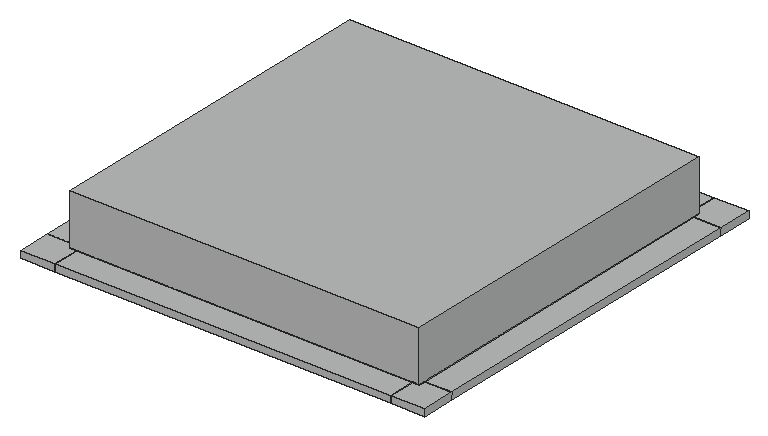
Revit family "ALUMOGIPS", category Осветительные приборы, Revit 2019 (continued)
Types (72, lengths in mm): name | Файл фотометрической сетки | built-in parameter 1150105 | Lumens | built-in parameter 1150106 | built-in parameter 1150142 | Wattage | Emit from Rectangle Width | Emit from Rectangle Length | Длина | Материал светильника | Ширина | ADSK_Ток | ADSK_Полная мощность | ADSK_Обозначение | ADSK_Номинальная мощность | ADSK_Наименование | ADSK_Масса | ADSK_Код изделия
  Alumogips-30/opal-sand 295х595 (IP54, 4000К, серый) | "Светильник ALUMOGIPS-30 OPAL-SAND-(295x595).IES" | 198.94 (stored number, unit not read) | 2500 lm | 1.9894 (stored number, unit not read) | "IESNA:LM-63-95\r\n[TEST] Протокол №80\r\n[DATA]26.06.2016\r\n[MORE] \r\n[MANUFAC] ЗАО \"Центрстройсвет\"\r\n[LUMCAT]  Светильник ALUMOGIPS-30/OPAL-SAND-(295x595)\r\n[LUMINAIRE]\r\n[LAMPCAT] Светодиоды\r\n[LAMP] Поток источника света (светодиодов) не известен\r\n[MORE] КСС приведена в абсолютных величинах кд\r\n[MORE] Вместо потока лампы, указан поток светильника.\r\nTILT=NONE\r\n1    2420 1.0 37 73 1 2 0.295 0.595 0.04\r\n1.0 1.0 28.9\r\n0.0 5.0 10.0 15.0 20.0 25.0 30.0 35.0 40.0 45.0 50.0 55.0 60.0 65.0 70.0 75.0 80.0 85.0 90.0 95.0 100.0 105.0 110.0 115.0 120.0 125.0 130.0 135.0 140.0 145.0 150.0 155.0 160.0 165.0 170.0 175.0 180.0\r\n0.0 5.0 10.0 15.0 20.0 25.0 30.0 35.0 40.0 45.0 50.0 55.0 60.0 65.0 70.0 75.0 80.0 85.0 90.0 95.0 100.0 105.0 110.0 115.0 120.0 125.0 130.0 135.0 140.0 145.0 150.0 155.0 160.0 165.0 170.0 175.0 180.0 185.0 190.0 195.0 200.0 205.0 210.0 215.0 220.0 225.0 230.0 235.0 240.0 245.0 250.0 255.0 260.0 265.0 270.0 275.0 280.0 285.0 290.0 295.0 300.0 305.0 310.0 315.0 320.0 325.0 330.0 335.0 340.0 345.0 350.0 355.0 360.0\r\n911.1 908.3 889.4 861.2 824.6 779.8 729.1 674.3 613.8 546.0 479.1 412.2 342.1 274.7 206.6 142.5 83.1 30.5 0.2 0.0 0.0 0.0 0.0 0.0 0.0 0.0 0.0 0.0 0.0 0.0 0.0 0.0 0.0 0.0 0.0 0.0 0.0\r\n911.1 908.3 890.4 862.2 826.0 781.2 730.0 673.5 610.8 545.9 478.1 412.0 343.0 274.6 207.5 142.8 83.4 31.1 0.3 0.0 0.0 0.0 0.0 0.0 0.0 0.0 0.0 0.0 0.0 0.0 0.0 0.0 0.0 0.0 0.0 0.0 0.0\r\n911.1 908.5 890.5 862.8 826.3 781.1 729.7 670.6 612.5 548.7 480.3 412.7 344.4 275.2 207.5 143.5 83.8 31.5 0.3 0.0 0.0 0.0 0.0 0.0 0.0 0.0 0.0 0.0 0.0 0.0 0.0 0.0 0.0 0.0 0.0 0.0 0.0\r\n911.1 909.2 889.7 860.5 825.1 782.3 731.0 672.5 613.1 547.3 478.2 411.8 342.9 275.2 208.3 143.7 83.9 31.8 0.3 0.0 0.0 0.0 0.0 0.0 0.0 0.0 0.0 0.0 0.0 0.0 0.0 0.0 0.0 0.0 0.0 0.0 0.0\r\n911.1 909.0 891.0 861.5 825.6 782.4 732.7 675.9 611.0 545.2 481.9 413.1 344.4 276.1 208.3 144.0 84.6 32.0 0.3 0.0 0.0 0.0 0.0 0.0 0.0 0.0 0.0 0.0 0.0 0.0 0.0 0.0 0.0 0.0 0.0 0.0 0.0\r\n911.1 908.9 890.1 863.3 826.9 783.2 729.2 673.9 611.8 547.8 480.9 414.1 343.8 275.8 208.6 144.4 85.0 32.4 0.3 0.0 0.0 0.0 0.0 0.0 0.0 0.0 0.0 0.0 0.0 0.0 0.0 0.0 0.0 0.0 0.0 0.0 0.0\r\n911.1 908.9 890.0 862.2 828.3 782.8 731.1 675.1 614.3 547.6 481.3 413.0 345.8 276.7 208.8 145.0 85.3 32.6 0.4 0.0 0.0 0.0 0.0 0.0 0.0 0.0 0.0 0.0 0.0 0.0 0.0 0.0 0.0 0.0 0.0 0.0 0.0\r\n911.1 908.5 891.5 865.2 825.7 780.8 732.5 674.6 615.0 551.3 482.1 414.1 345.1 277.4 208.6 145.5 85.5 33.2 0.5 0.0 0.0 0.0 0.0 0.0 0.0 0.0 0.0 0.0 0.0 0.0 0.0 0.0 0.0 0.0 0.0 0.0 0.0\r\n911.1 908.2 891.4 865.6 827.3 781.0 734.3 676.9 614.9 549.4 482.0 413.8 346.2 277.0 209.5 145.9 86.0 33.8 0.4 0.0 0.0 0.0 0.0 0.0 0.0 0.0 0.0 0.0 0.0 0.0 0.0 0.0 0.0 0.0 0.0 0.0 0.0\r\n911.1 908.7 891.0 864.3 829.6 784.0 732.9 673.2 614.9 550.2 484.5 414.8 346.4 277.8 210.5 146.4 87.2 33.9 0.6 0.0 0.0 0.0 0.0 0.0 0.0 0.0 0.0 0.0 0.0 0.0 0.0 0.0 0.0 0.0 0.0 0.0 0.0\r\n911.1 909.3 890.7 863.4 828.2 782.7 733.6 675.6 617.1 551.3 485.9 416.5 347.0 279.5 211.3 147.1 87.6 34.5 0.8 0.0 0.0 0.0 0.0 0.0 0.0 0.0 0.0 0.0 0.0 0.0 0.0 0.0 0.0 0.0 0.0 0.0 0.0\r\n911.1 908.7 892.5 864.0 829.2 784.2 733.3 676.9 615.6 551.9 484.7 416.9 348.3 279.6 211.6 148.3 88.1 35.0 0.9 0.0 0.0 0.0 0.0 0.0 0.0 0.0 0.0 0.0 0.0 0.0 0.0 0.0 0.0 0.0 0.0 0.0 0.0\r\n911.1 907.6 892.1 865.2 827.4 784.6 731.8 676.8 617.7 552.8 485.1 418.8 350.7 281.3 212.5 148.4 89.0 35.7 1.0 0.0 0.0 0.0 0.0 0.0 0.0 0.0 0.0 0.0 0.0 0.0 0.0 0.0 0.0 0.0 0.0 0.0 0.0\r\n911.1 907.1 892.1 864.5 830.2 788.3 733.6 677.4 617.3 552.0 487.9 420.8 349.8 281.3 213.4 149.2 89.9 36.2 1.3 0.0 0.0 0.0 0.0 0.0 0.0 0.0 0.0 0.0 0.0 0.0 0.0 0.0 0.0 0.0 0.0 0.0 0.0\r\n911.1 907.7 891.9 865.7 828.5 785.6 735.2 678.9 620.0 555.8 488.8 421.1 351.5 282.7 215.2 149.7 90.8 36.9 1.5 0.0 0.0 0.0 0.0 0.0 0.0 0.0 0.0 0.0 0.0 0.0 0.0 0.0 0.0 0.0 0.0 0.0 0.0\r\n911.1 907.8 891.0 864.8 830.1 786.1 738.7 679.4 616.5 556.6 490.6 420.2 352.4 284.5 215.4 151.3 91.1 37.6 1.5 0.0 0.0 0.0 0.0 0.0 0.0 0.0 0.0 0.0 0.0 0.0 0.0 0.0 0.0 0.0 0.0 0.0 0.0\r\n911.1 907.6 892.2 865.5 829.8 785.3 740.8 681.1 621.3 555.2 488.2 422.8 352.5 285.0 216.2 151.5 92.2 38.3 1.9 0.0 0.0 0.0 0.0 0.0 0.0 0.0 0.0 0.0 0.0 0.0 0.0 0.0 0.0 0.0 0.0 0.0 0.0\r\n911.1 907.4 892.1 866.1 829.8 787.6 737.3 681.4 621.4 556.0 491.1 422.7 354.9 284.7 217.1 152.4 93.0 39.4 2.0 0.0 0.0 0.0 0.0 0.0 0.0 0.0 0.0 0.0 0.0 0.0 0.0 0.0 0.0 0.0 0.0 0.0 0.0\r\n911.1 907.1 892.7 864.9 831.7 788.2 738.4 680.3 623.5 555.8 491.4 423.2 354.0 286.0 218.2 152.8 93.7 40.1 1.9 0.0 0.0 0.0 0.0 0.0 0.0 0.0 0.0 0.0 0.0 0.0 0.0 0.0 0.0 0.0 0.0 0.0 0.0\r\n911.1 907.4 892.3 867.6 830.6 789.2 737.9 683.1 622.5 558.1 492.5 424.4 355.9 287.7 219.1 154.3 94.7 40.4 2.5 0.0 0.0 0.0 0.0 0.0 0.0 0.0 0.0 0.0 0.0 0.0 0.0 0.0 0.0 0.0 0.0 0.0 0.0\r\n911.1 907.5 892.4 866.9 832.1 790.0 736.6 683.9 623.3 559.4 493.1 425.9 357.0 288.4 220.1 155.2 95.3 41.1 2.6 0.0 0.0 0.0 0.0 0.0 0.0 0.0 0.0 0.0 0.0 0.0 0.0 0.0 0.0 0.0 0.0 0.0 0.0\r\n911.1 906.9 893.0 866.2 832.9 789.5 740.6 686.4 622.6 558.9 494.6 425.2 357.7 289.6 220.8 156.1 95.8 41.9 2.6 0.0 0.0 0.0 0.0 0.0 0.0 0.0 0.0 0.0 0.0 0.0 0.0 0.0 0.0 0.0 0.0 0.0 0.0\r\n911.1 906.5 892.0 867.1 832.6 789.9 741.4 686.3 627.3 561.0 497.2 429.6 357.8 290.1 222.7 156.4 96.7 42.4 3.1 0.0 0.0 0.0 0.0 0.0 0.0 0.0 0.0 0.0 0.0 0.0 0.0 0.0 0.0 0.0 0.0 0.0 0.0\r\n911.1 906.8 892.3 868.3 834.8 789.8 739.1 686.9 625.0 562.3 496.2 428.6 359.5 290.7 222.5 158.0 97.5 42.6 3.4 0.0 0.0 0.0 0.0 0.0 0.0 0.0 0.0 0.0 0.0 0.0 0.0 0.0 0.0 0.0 0.0 0.0 0.0\r\n911.1 907.7 893.1 868.2 834.1 793.7 743.1 687.9 626.4 562.8 495.5 430.8 360.5 292.6 223.4 158.6 97.7 43.5 3.3 0.0 0.0 0.0 0.0 0.0 0.0 0.0 0.0 0.0 0.0 0.0 0.0 0.0 0.0 0.0 0.0 0.0 0.0\r\n911.1 908.2 893.8 868.2 835.6 793.6 743.3 688.3 626.0 564.5 498.1 431.2 361.0 293.4 224.3 158.9 98.6 44.0 3.5 0.0 0.0 0.0 0.0 0.0 0.0 0.0 0.0 0.0 0.0 0.0 0.0 0.0 0.0 0.0 0.0 0.0 0.0\r\n911.1 906.7 894.2 868.9 835.7 792.8 743.7 688.3 628.3 564.5 497.7 430.5 361.2 293.3 224.8 160.4 99.3 44.4 3.7 0.0 0.0 0.0 0.0 0.0 0.0 0.0 0.0 0.0 0.0 0.0 0.0 0.0 0.0 0.0 0.0 0.0 0.0\r\n911.1 906.5 894.7 867.9 834.7 795.0 744.2 689.6 630.1 566.4 499.6 431.8 363.0 294.1 225.6 160.8 100.0 45.1 3.6 0.0 0.0 0.0 0.0 0.0 0.0 0.0 0.0 0.0 0.0 0.0 0.0 0.0 0.0 0.0 0.0 0.0 0.0\r\n911.1 906.5 895.1 869.9 835.9 794.8 744.6 690.7 627.4 566.4 500.2 432.4 364.0 294.7 227.0 161.2 100.6 45.6 3.8 0.0 0.0 0.0 0.0 0.0 0.0 0.0 0.0 0.0 0.0 0.0 0.0 0.0 0.0 0.0 0.0 0.0 0.0\r\n911.1 906.1 895.4 869.1 835.9 794.7 746.0 689.6 630.7 566.6 499.6 432.7 363.1 295.7 227.9 161.9 100.9 46.3 4.0 0.0 0.0 0.0 0.0 0.0 0.0 0.0 0.0 0.0 0.0 0.0 0.0 0.0 0.0 0.0 0.0 0.0 0.0\r\n911.1 906.1 894.6 870.7 836.3 795.3 746.6 689.6 632.6 567.7 500.1 432.1 364.4 296.0 227.8 162.7 101.4 46.4 4.5 0.0 0.0 0.0 0.0 0.0 0.0 0.0 0.0 0.0 0.0 0.0 0.0 0.0 0.0 0.0 0.0 0.0 0.0\r\n911.1 906.3 895.6 868.8 835.5 793.2 745.3 690.7 630.8 568.5 500.6 433.3 364.7 295.8 227.5 162.6 101.3 46.8 4.6 0.0 0.0 0.0 0.0 0.0 0.0 0.0 0.0 0.0 0.0 0.0 0.0 0.0 0.0 0.0 0.0 0.0 0.0\r\n911.1 907.0 895.4 871.8 837.5 794.5 744.5 690.6 631.8 568.8 502.5 436.2 365.6 296.2 228.3 163.9 101.9 47.1 4.6 0.0 0.0 0.0 0.0 0.0 0.0 0.0 0.0 0.0 0.0 0.0 0.0 0.0 0.0 0.0 0.0 0.0 0.0\r\n911.1 907.6 895.4 871.8 839.2 796.0 747.1 690.6 629.6 567.5 501.4 434.5 365.7 297.2 228.8 163.4 102.4 47.5 4.6 0.0 0.0 0.0 0.0 0.0 0.0 0.0 0.0 0.0 0.0 0.0 0.0 0.0 0.0 0.0 0.0 0.0 0.0\r\n911.1 906.1 895.5 871.6 838.7 794.9 748.2 694.5 632.4 570.3 502.5 434.5 365.5 297.1 229.4 164.0 102.4 47.5 4.7 0.0 0.0 0.0 0.0 0.0 0.0 0.0 0.0 0.0 0.0 0.0 0.0 0.0 0.0 0.0 0.0 0.0 0.0\r\n911.1 904.8 895.9 869.8 836.7 797.2 747.1 691.9 633.4 569.5 503.4 435.1 366.2 298.1 229.3 163.6 102.3 47.2 4.3 0.0 0.0 0.0 0.0 0.0 0.0 0.0 0.0 0.0 0.0 0.0 0.0 0.0 0.0 0.0 0.0 0.0 0.0\r\n911.1 905.3 894.0 871.2 840.2 796.2 748.3 691.8 631.5 572.4 503.6 433.5 366.8 297.9 229.2 163.3 101.8 46.8 3.8 0.0 0.0 0.0 0.0 0.0 0.0 0.0 0.0 0.0 0.0 0.0 0.0 0.0 0.0 0.0 0.0 0.0 0.0\r\n911.1 906.0 894.9 870.9 837.1 795.0 745.7 693.0 630.8 569.0 503.7 436.4 366.4 297.7 229.8 163.4 101.8 46.5 3.4 0.0 0.0 0.0 0.0 0.0 0.0 0.0 0.0 0.0 0.0 0.0 0.0 0.0 0.0 0.0 0.0 0.0 0.0\r\n911.1 905.6 893.6 871.4 839.9 797.6 749.1 691.5 633.0 570.8 502.5 434.8 366.1 296.6 228.5 162.8 101.0 46.0 2.9 0.0 0.0 0.0 0.0 0.0 0.0 0.0 0.0 0.0 0.0 0.0 0.0 0.0 0.0 0.0 0.0 0.0 0.0\r\n911.1 905.5 894.6 871.9 838.0 794.6 747.0 692.0 634.0 569.3 502.9 435.5 366.8 296.4 228.8 163.2 101.1 46.1 2.8 0.0 0.0 0.0 0.0 0.0 0.0 0.0 0.0 0.0 0.0 0.0 0.0 0.0 0.0 0.0 0.0 0.0 0.0\r\n911.1 906.2 893.1 871.0 837.2 796.8 749.0 694.0 633.1 569.5 503.5 436.7 366.4 297.6 228.4 162.6 101.3 45.7 2.8 0.0 0.0 0.0 0.0 0.0 0.0 0.0 0.0 0.0 0.0 0.0 0.0 0.0 0.0 0.0 0.0 0.0 0.0\r\n911.1 905.4 893.6 869.9 837.0 796.8 747.6 692.4 634.5 568.4 503.4 433.2 365.8 296.2 227.1 162.3 100.7 45.6 2.7 0.0 0.0 0.0 0.0 0.0 0.0 0.0 0.0 0.0 0.0 0.0 0.0 0.0 0.0 0.0 0.0 0.0 0.0\r\n911.1 905.2 893.1 870.9 837.6 799.4 749.7 694.6 632.4 569.7 501.2 433.7 366.5 296.3 227.6 162.0 100.7 45.2 2.6 0.0 0.0 0.0 0.0 0.0 0.0 0.0 0.0 0.0 0.0 0.0 0.0 0.0 0.0 0.0 0.0 0.0 0.0\r\n911.1 905.6 892.8 867.9 836.3 795.3 747.6 693.8 632.3 568.8 503.5 433.9 364.4 295.4 227.4 162.1 100.2 45.0 2.6 0.0 0.0 0.0 0.0 0.0 0.0 0.0 0.0 0.0 0.0 0.0 0.0 0.0 0.0 0.0 0.0 0.0 0.0\r\n911.1 906.0 891.2 869.4 838.7 796.6 744.5 691.3 630.5 568.4 500.5 432.6 364.8 294.7 226.6 161.5 99.4 44.6 2.4 0.0 0.0 0.0 0.0 0.0 0.0 0.0 0.0 0.0 0.0 0.0 0.0 0.0 0.0 0.0 0.0 0.0 0.0\r\n911.1 906.3 892.3 868.8 836.4 794.7 746.4 690.6 628.4 567.4 501.0 433.5 364.4 294.7 226.3 161.5 99.1 44.1 2.3 0.0 0.0 0.0 0.0 0.0 0.0 0.0 0.0 0.0 0.0 0.0 0.0 0.0 0.0 0.0 0.0 0.0 0.0\r\n911.1 906.1 891.2 870.3 836.5 796.5 746.5 691.1 630.2 565.4 501.0 432.5 361.6 293.6 224.8 160.3 98.9 43.7 2.2 0.0 0.0 0.0 0.0 0.0 0.0 0.0 0.0 0.0 0.0 0.0 0.0 0.0 0.0 0.0 0.0 0.0 0.0\r\n911.1 906.7 892.3 869.5 834.4 794.2 744.3 688.5 631.3 567.2 500.0 431.6 362.1 292.6 224.4 159.4 98.3 43.1 2.1 0.0 0.0 0.0 0.0 0.0 0.0 0.0 0.0 0.0 0.0 0.0 0.0 0.0 0.0 0.0 0.0 0.0 0.0\r\n911.1 906.3 891.7 869.3 838.3 794.6 745.1 687.7 632.2 566.3 497.6 429.3 361.9 293.2 223.9 158.7 97.6 42.4 1.9 0.0 0.0 0.0 0.0 0.0 0.0 0.0 0.0 0.0 0.0 0.0 0.0 0.0 0.0 0.0 0.0 0.0 0.0\r\n911.1 906.6 891.2 870.7 835.8 791.7 742.2 688.7 628.2 564.3 497.8 429.8 361.0 291.5 223.5 157.7 97.3 42.0 1.8 0.0 0.0 0.0 0.0 0.0 0.0 0.0 0.0 0.0 0.0 0.0 0.0 0.0 0.0 0.0 0.0 0.0 0.0\r\n911.1 906.1 891.3 868.6 834.6 791.7 744.4 685.8 625.4 562.6 496.6 428.8 360.1 290.5 222.4 157.1 96.1 41.3 1.7 0.0 0.0 0.0 0.0 0.0 0.0 0.0 0.0 0.0 0.0 0.0 0.0 0.0 0.0 0.0 0.0 0.0 0.0\r\n911.1 905.2 892.6 868.1 835.0 791.5 742.2 686.7 625.4 563.1 497.3 427.9 358.4 290.7 221.2 155.8 95.6 40.8 1.5 0.0 0.0 0.0 0.0 0.0 0.0 0.0 0.0 0.0 0.0 0.0 0.0 0.0 0.0 0.0 0.0 0.0 0.0\r\n911.1 905.3 892.8 868.0 833.0 791.3 744.3 685.1 623.6 560.5 492.9 426.5 357.2 288.9 220.3 154.7 94.8 40.1 1.3 0.0 0.0 0.0 0.0 0.0 0.0 0.0 0.0 0.0 0.0 0.0 0.0 0.0 0.0 0.0 0.0 0.0 0.0\r\n911.1 906.6 890.8 868.3 833.0 790.4 741.1 685.4 624.1 560.7 492.9 424.1 356.4 288.9 219.7 154.0 93.5 39.4 1.2 0.0 0.0 0.0 0.0 0.0 0.0 0.0 0.0 0.0 0.0 0.0 0.0 0.0 0.0 0.0 0.0 0.0 0.0\r\n911.1 907.4 891.8 866.4 833.1 790.2 739.5 683.6 621.7 561.4 494.4 424.6 356.0 287.1 219.0 153.3 92.5 38.6 1.1 0.0 0.0 0.0 0.0 0.0 0.0 0.0 0.0 0.0 0.0 0.0 0.0 0.0 0.0 0.0 0.0 0.0 0.0\r\n911.1 907.0 891.7 867.9 832.2 788.0 736.3 683.3 623.7 556.4 492.1 424.3 353.3 286.6 217.1 152.4 91.9 37.8 0.8 0.0 0.0 0.0 0.0 0.0 0.0 0.0 0.0 0.0 0.0 0.0 0.0 0.0 0.0 0.0 0.0 0.0 0.0\r\n911.1 906.8 892.1 865.5 829.5 787.9 737.3 680.4 618.9 555.6 491.7 423.2 353.3 284.2 216.2 151.5 91.3 37.0 0.7 0.0 0.0 0.0 0.0 0.0 0.0 0.0 0.0 0.0 0.0 0.0 0.0 0.0 0.0 0.0 0.0 0.0 0.0\r\n911.1 906.0 890.4 864.7 830.5 788.2 737.8 682.0 618.5 554.8 489.2 421.0 352.5 282.8 214.0 149.9 90.1 36.6 0.6 0.0 0.0 0.0 0.0 0.0 0.0 0.0 0.0 0.0 0.0 0.0 0.0 0.0 0.0 0.0 0.0 0.0 0.0\r\n911.1 905.1 891.5 865.2 828.0 784.8 738.1 677.5 619.3 553.0 488.5 419.0 350.1 282.1 214.0 149.5 89.3 35.6 0.4 0.0 0.0 0.0 0.0 0.0 0.0 0.0 0.0 0.0 0.0 0.0 0.0 0.0 0.0 0.0 0.0 0.0 0.0\r\n911.1 906.0 891.6 863.4 826.4 784.8 735.2 679.4 616.1 553.3 487.5 418.1 349.5 281.2 213.4 148.4 88.5 34.8 0.3 0.0 0.0 0.0 0.0 0.0 0.0 0.0 0.0 0.0 0.0 0.0 0.0 0.0 0.0 0.0 0.0 0.0 0.0\r\n911.1 906.8 890.4 864.5 828.0 784.0 735.1 678.8 616.8 551.9 484.6 417.7 349.7 279.3 211.1 147.6 87.7 34.2 0.3 0.0 0.0 0.0 0.0 0.0 0.0 0.0 0.0 0.0 0.0 0.0 0.0 0.0 0.0 0.0 0.0 0.0 0.0\r\n911.1 907.5 888.8 862.0 826.9 780.2 732.3 675.0 614.9 551.2 485.3 416.4 346.6 278.8 211.6 146.2 86.7 33.6 0.2 0.0 0.0 0.0 0.0 0.0 0.0 0.0 0.0 0.0 0.0 0.0 0.0 0.0 0.0 0.0 0.0 0.0 0.0\r\n911.1 907.5 889.7 863.2 826.6 785.1 732.2 672.0 614.2 551.3 484.5 416.7 346.2 277.6 210.1 145.9 85.8 32.8 0.2 0.0 0.0 0.0 0.0 0.0 0.0 0.0 0.0 0.0 0.0 0.0 0.0 0.0 0.0 0.0 0.0 0.0 0.0\r\n911.1 907.3 890.1 863.9 825.1 780.0 730.7 678.4 612.1 549.9 481.9 414.5 344.9 276.9 209.3 145.1 85.2 32.3 0.1 0.0 0.0 0.0 0.0 0.0 0.0 0.0 0.0 0.0 0.0 0.0 0.0 0.0 0.0 0.0 0.0 0.0 0.0\r\n911.1 908.5 889.1 862.4 825.5 781.7 731.2 672.6 612.0 547.6 482.4 413.8 345.8 275.4 208.5 144.0 84.8 31.6 0.1 0.0 0.0 0.0 0.0 0.0 0.0 0.0 0.0 0.0 0.0 0.0 0.0 0.0 0.0 0.0 0.0 0.0 0.0\r\n911.1 908.0 889.3 861.7 824.9 780.9 731.0 672.8 611.9 545.5 481.0 411.8 343.3 274.8 207.7 143.4 84.0 31.2 0.1 0.0 0.0 0.0 0.0 0.0 0.0 0.0 0.0 0.0 0.0 0.0 0.0 0.0 0.0 0.0 0.0 0.0 0.0\r\n911.1 906.5 887.9 861.2 824.2 781.5 729.8 672.2 609.7 547.2 479.7 411.1 343.5 274.5 206.8 143.2 83.6 30.7 0.1 0.0 0.0 0.0 0.0 0.0 0.0 0.0 0.0 0.0 0.0 0.0 0.0 0.0 0.0 0.0 0.0 0.0 0.0\r\n911.1 906.8 888.0 859.9 826.4 781.3 727.9 671.1 610.9 546.9 478.6 411.5 342.5 274.4 207.1 142.8 83.0 30.3 0.1 0.0 0.0 0.0 0.0 0.0 0.0 0.0 0.0 0.0 0.0 0.0 0.0 0.0 0.0 0.0 0.0 0.0 0.0\r\n911.1 907.2 889.6 859.4 824.1 778.8 730.0 672.0 610.3 544.9 478.2 410.6 341.6 274.5 206.3 141.9 82.8 30.0 0.1 0.0 0.0 0.0 0.0 0.0 0.0 0.0 0.0 0.0 0.0 0.0 0.0 0.0 0.0 0.0 0.0 0.0 0.0\r\n911.1 908.0 888.9 861.7 823.7 778.6 726.6 673.0 609.3 546.3 478.0 409.7 341.7 273.2 206.1 141.7 82.2 29.9 0.0 0.0 0.0 0.0 0.0 0.0 0.0 0.0 0.0 0.0 0.0 0.0 0.0 0.0 0.0 0.0 0.0 0.0 0.0\r\n911.1 908.5 889.0 862.2 823.5 778.2 729.5 669.6 608.8 545.8 478.2 411.0 340.7 272.7 206.2 142.0 82.2 29.8 0.1 0.0 0.0 0.0 0.0 0.0 0.0 0.0 0.0 0.0 0.0 0.0 0.0 0.0 0.0 0.0 0.0 0.0 0.0\r\n911.1 908.3 889.7 863.3 826.0 781.1 728.4 671.9 608.5 545.7 478.5 410.8 342.7 273.4 205.7 141.8 82.4 30.1 0.2 0.0 0.0 0.0 0.0 0.0 0.0 0.0 0.0 0.0 0.0 0.0 0.0 0.0 0.0 0.0 0.0 0.0 0.0\r\n911.1 908.3 889.4 861.2 824.6 779.8 729.1 674.3 613.8 546.0 479.1 412.2 342.1 274.7 206.6 142.5 83.1 30.5 0.2 0.0 0.0 0.0 0.0 0.0 0.0 0.0 0.0 0.0 0.0 0.0 0.0 0.0 0.0 0.0 0.0 0.0 0.0\r\n" | 16.8303 W | 275 | 575 | 595 | RAL 9006 | 295 | 0.141777 A | 32.6087 VA | "Alumogips-30/opal-sand 295х595 (IP54, 4000К, серый)" | 30 W | "Встраиваемый светодиодный светильник Alumogips-30/opal-sand 295х595 (IP54, 4000К, серый)" | 1.3 | "ЦБ000007764"
